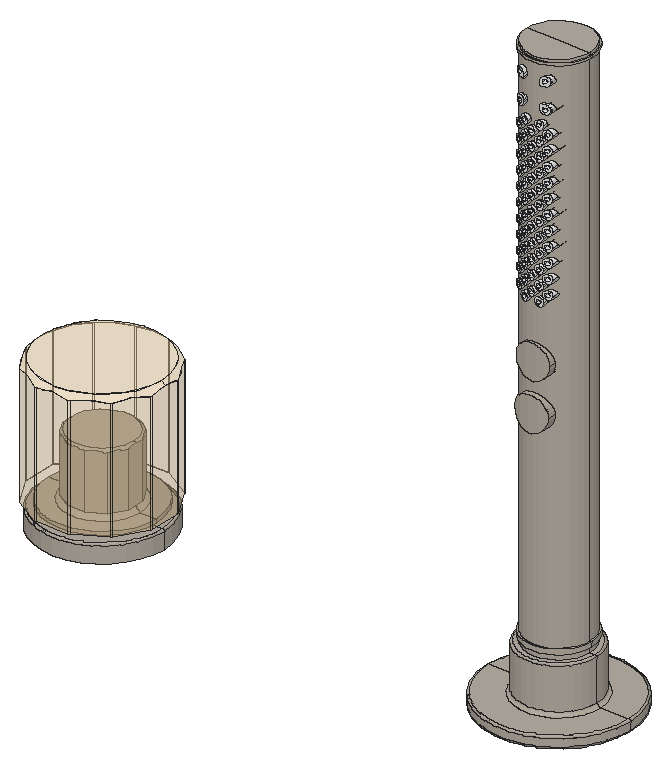
Revit family "Shower-Handshower_Kit-KOHLER-COMPOSED-K-73085T", category Plumbing Fixtures, host Face, Revit 2017
Family settings
  Host = Face
  Round Connector Dimension = Use Diameter
  Part Type = Normal
  OmniClass Number = 23.31.17.00
  OmniClass Title = Showers
  Cut with Voids When Loaded = No
  Shared = No
  Room Calculation Point = No
Parameters (values of type "B9ACH,BV-Roman Copper")
  Width [instance] = Distance To Showerhead + Distance To Handle  # 8"
  WaterSense Certified = 1 = 0  # no
  Waste Water Outlet = "Waste Water Outlet"  # constant formula
  Waste Connection = 1 = 0  # no
  Vent Connection = 1 = 0  # no
  URL = "https://www.kohler.com.cn/"
  Type = 1
  Product Page URL = "https://www.kohler.com.cn/product/K-73085T-B9ACH-BV/K-73085T-B9ACH-BV/"
  Product Name = "COMPOSED"  # constant formula
  Product Documentation Link = "https://files.kohler.com.cn/pdfs/1532351920010_73085T-B9ACH-BV%EF%BC%8C73085T-B9GCH-TT%20%E5%AE%89%E8%A3%85%E8%AF%B4%E6%98%8E%E4%B9%A6.pdf"
  Pressure = 70.00 psi  # constant formula
  Panel Thickness = 0"
  Model = if(Type = 1, "K-73085T-B9ACH-BV", if(Type = 2, "K-73085T-B9GCH-TT", "NA"))  # "K-73085T-B9ACH-BV"
  Material = "Premium Metal Construction"  # constant formula
  Master Format 2014 Name = "Residential Showers"  # constant formula
  Master Format 2014 = "22 42 23"  # constant formula
  Manufacturer Address = "Kohler Beijing Office (100016)36-2-03-B, No. 88, Liuxiang Road, Beijing"  # constant formula
  Manufacturer = "KOHLER Co."  # constant formula
  Length = 2 133/256"  # constant formula
  Hot Water Inlet = "Hot Water Inlet"  # constant formula
  Height Of Handle = 2 163/256"  # constant formula
  Height = 10 111/256"  # constant formula
  Handle Material = Kohler-Glass-ACH-Amber_Gold_Glaze
  HW Connection = 1 = 1  # yes
  Flow Rate = 2.5 GPM  # constant formula
  Finish = Kohler-Metal-BV-Roman_Copper
  Environmental Product Declaration = ""
  Drain Included = 1 = 0  # no
  Distance To Showerhead [instance] = 4"
  Distance To Handle [instance] = 4"
  Description = "Cylinder Side Water Divider and Hand Shower"  # constant formula
  Default Elevation = 36"
  Declare Label = ""
  Date Modified = "24/09/2020"  # constant formula
  Date Created = "24/09/2020"  # constant formula
  Copyright = "Copyright KOHLER Co."  # constant formula
  Contact Us = "http://www.kohler.com.cn/contact/contact-us/"
  Cold Water Inlet = "Cold Water Inlet"  # constant formula
  CW Connection = 1 = 1  # yes
  Assembly Code = "D2010700"
  ADA Compliant = 1 = 0  # no
Reference planes (in)
  plane 1 "Center (Front/Back)": y = 0
  plane 2: z = 0
  plane 3 "Center (Left/Right)": x = 0
  plane 4: x = -4
  plane 5: z = 10.43359
  plane 6: z = 2.63672
  plane 7: x = 4
  plane 8: x = 5.25984
  plane 9: x = 2.74016
  plane 10: y = 1.25984
  plane 11: y = -1.25969
  plane 12: x = -5.10236
  plane 13: x = -2.89764
  plane 14: y = 1.10236
  plane 15: y = -1.10236
  plane 16: y = -1.08268
  plane 17: y = 1.08268
Dimensions and locks (in)
  "Height": plane 5 to level
  "Distance To Showerhead": plane 3 "Center (Left/Right)" to plane 7
  locked: plane 9 to plane 7 at 1.25984
  locked: plane 7 to plane 8 at 1.25984
  locked: plane 12 to plane 4 at 1.10236
  locked: plane 4 to plane 13 at 1.10236
  "Distance To Handle": plane 4 to plane 3 "Center (Left/Right)"
  "Height Of Handle": plane 6 to level
  "Length": plane 10 to plane 11
  aligned and locked: plane 2 to host face
  aligned and locked: level to host face
  aligned and locked: nested 2 to plane 4
  aligned and locked: plane 7 to nested 1
Automatic sketch dimensions
  host sketch curve to host sketch curve = 96"  (x2)
Nested families (in)
  nested 1: "K-73085T_Shower" at (4, 0, 0), type "K-73085T_Shower"
  nested 2: "K-73085T_Handle" at (-4, 0, 0), type "K-73085T_Handle"
Connectors (in)
  piping at (-3.41011, 0, 0), diameter 0.5, driven by "Flow Rate", driven by "Pressure", driven by "CW Connection", driven by "Cold Water Inlet"
    settings: on nested 2, index 1, connector inside diameter 24", connector length 0", flow factor 0, pipe flow 2.5 GPM, pressure drop 70.00 psi, fitting loss kfactor 0, connector angle 0.00°, fixture units 0, engagement length 0", angle of deflection 0.00°, flow configuration 1, flow direction 1, fitting loss method 4, system type 20, joint type 0, gender type 0, connector reference index -1, connector utility 1, adjustable connector no, is connector primary yes, connector description "Cold Water Inlet"
  piping at (-4.58989, 0, 0), diameter 0.5, driven by "Flow Rate", driven by "Pressure", driven by "HW Connection", driven by "Hot Water Inlet"
    settings: on nested 2, index 2, connector inside diameter 24", connector length 0", flow factor 0, pipe flow 2.5 GPM, pressure drop 70.00 psi, fitting loss kfactor 0, connector angle 0.00°, fixture units 0, engagement length 0", angle of deflection 0.00°, flow configuration 1, flow direction 1, fitting loss method 4, system type 19, joint type 0, gender type 0, connector reference index -1, connector utility 1, adjustable connector no, is connector primary no, connector description "Hot Water Inlet"
Definition of nested family "K-73085T_Shower"
  Parameters (values of type "K-73085T_Shower")
    Material = none
  Reference planes (in)
    plane 1 "Center (Front/Back)": y = 0
    plane 2: z = 0
    plane 3 "Center (Left/Right)": x = 0
    plane 4: x = 1.25984
    plane 5: x = -1.25984
    plane 6: x = 0.66929
    plane 7: x = -0.66929
    plane 8: z = 10.43307
    plane 9: x = -0.55118
    plane 10: x = 0.55118
    plane 11: y = 0.55118
    plane 12: y = -0.55118
    plane 13: y = 1.25984
    plane 14: y = -1.25984
    plane 15: y = 0.66929
    plane 16: y = -0.66929
  Forms (in)
    Revolve 1, solid, material <- "Material", detail levels medium+fine
      sketch origin (0, 0, 0) x (1, 0, 0) y (0, 0, 1)
        loop
          line (0, 0) -> (1.22892, 0)
          arc (1.22892, 0) -> (1.25079, 0.00906) -> (1.25984, 0.03092) r 0.03092
          line (1.25984, 0.03092) -> (1.25984, 0.16544)
          arc (1.25984, 0.16544) -> (1.25064, 0.18765) -> (1.22843, 0.19685) r 0.03141
          line (1.22843, 0.19685) -> (0.7285, 0.19685)
          arc (0.7285, 0.19685) -> (0.68663, 0.21419) -> (0.66929, 0.25606) r 0.05921
          line (0.66929, 0.25606) -> (0.66929, 0.97189)
          arc (0.66929, 0.97189) -> (0.6599, 0.99455) -> (0.63724, 1.00394) r 0.03205
          line (0.63724, 1.00394) -> (0.55118, 1.00394) -> (0.55118, 1.10236) -> (0.58268, 1.10236) -> (0.58268, 1.18898) -> (0.55118, 1.18898) -> (0.55118, 10.35433) -> (0.58268, 10.35433) -> (0.58268, 10.3937) -> (0.55118, 10.3937) -> (0.55118, 10.43307) -> (0, 10.43307) -> (0, 0)
        axis (0, 0) -> (0, 10.43307)
      angle from 0 to 360
    Extrusion 2, solid, detail levels medium+fine
      sketch origin (0, 0, 0) x (1, 0, 0) y (0, 0, 1)
        loop
          line (0.16929, 10.03346) -> (0.22441, 10.03346)
          arc (0.22441, 10.03346) -> (0.28009, 10.16788) -> (0.14567, 10.1122) r 0.07874
          line (0.14567, 10.1122) -> (0.14567, 10.05709)
          arc (0.14567, 10.05709) -> (0.15259, 10.04038) -> (0.16929, 10.03346) r 0.02362
        loop
          arc (-0.16929, 10.03346) -> (-0.15259, 10.04038) -> (-0.14567, 10.05709) r 0.02362
          line (-0.14567, 10.05709) -> (-0.14567, 10.1122)
          arc (-0.14567, 10.1122) -> (-0.28009, 10.16788) -> (-0.22441, 10.03346) r 0.07874
          line (-0.22441, 10.03346) -> (-0.16929, 10.03346)
        loop
          line (0.22441, 9.74213) -> (0.16929, 9.74213)
          arc (0.16929, 9.74213) -> (0.15259, 9.73521) -> (0.14567, 9.7185) r 0.02362
          line (0.14567, 9.7185) -> (0.14567, 9.66339)
          arc (0.14567, 9.66339) -> (0.28009, 9.60771) -> (0.22441, 9.74213) r 0.07874
        loop
          arc (-0.22441, 9.74213) -> (-0.28009, 9.60771) -> (-0.14567, 9.66339) r 0.07874
          line (-0.14567, 9.66339) -> (-0.14567, 9.7185)
          arc (-0.14567, 9.7185) -> (-0.15259, 9.73521) -> (-0.16929, 9.74213) r 0.02362
          line (-0.16929, 9.74213) -> (-0.22441, 9.74213)
        loop
          circle (0.22441, 10.1122) r 0.04114
        loop
          circle (-0.22441, 10.1122) r 0.04114
        loop
          circle (0.22441, 9.66339) r 0.03954
        loop
          circle (-0.22441, 9.66339) r 0.03954
        loop
          circle (0.13033, 9.40567) r 0.04035
        loop
          circle (-0.13033, 9.40567) r 0.04035
        loop
          circle (0.25879, 9.2794) r 0.04037
        loop
          circle (-0.25879, 9.2794) r 0.04037
        loop
          circle (0.13033, 9.15313) r 0.04035
        loop
          circle (-0.13033, 9.15313) r 0.04035
        loop
          circle (0.13033, 8.90058) r 0.04035
        loop
          circle (-0.13033, 8.90058) r 0.04035
        loop
          circle (0, 9.02685) r 0.04121
        loop
          circle (0.25879, 9.02685) r 0.04037
        loop
          circle (-0.25879, 9.02685) r 0.04037
        loop
          circle (0.13033, 8.39549) r 0.04035
        loop
          circle (-0.13033, 8.39549) r 0.04035
        loop
          circle (0, 8.52176) r 0.04121
        loop
          circle (0.25879, 8.52176) r 0.04037
        loop
          circle (-0.25879, 8.52176) r 0.04037
        loop
          circle (0.13033, 8.64804) r 0.04035
        loop
          circle (-0.13033, 8.64804) r 0.04035
        loop
          circle (0, 8.77431) r 0.04121
        loop
          circle (0.25879, 8.77431) r 0.04037
        loop
          circle (-0.25879, 8.77431) r 0.04037
        loop
          circle (0.13033, 7.38532) r 0.04035
        loop
          circle (-0.13033, 7.38532) r 0.04035
        loop
          circle (0, 7.51159) r 0.04121
        loop
          circle (0.25879, 7.51159) r 0.04037
        loop
          circle (-0.25879, 7.51159) r 0.04037
        loop
          circle (0.13033, 7.63786) r 0.04035
        loop
          circle (-0.13033, 7.63786) r 0.04035
        loop
          circle (0.13033, 7.8904) r 0.04035
        loop
          circle (-0.13033, 7.8904) r 0.04035
        loop
          circle (0, 7.76413) r 0.04121
        loop
          circle (0.25879, 7.76413) r 0.04037
        loop
          circle (-0.25879, 7.76413) r 0.04037
        loop
          circle (0, 8.26922) r 0.04121
        loop
          circle (0.25879, 8.26922) r 0.04037
        loop
          circle (-0.25879, 8.26922) r 0.04037
        loop
          circle (0.13033, 8.14295) r 0.04035
        loop
          circle (-0.13033, 8.14295) r 0.04035
        loop
          circle (0, 8.01668) r 0.04121
        loop
          circle (0.25879, 8.01668) r 0.04037
        loop
          circle (-0.25879, 8.01668) r 0.04037
        loop
          circle (0, 7.25904) r 0.04121
        loop
          circle (0.25879, 7.25904) r 0.04037
        loop
          circle (-0.25879, 7.25904) r 0.04037
        loop
          circle (0.13033, 7.13277) r 0.04035
        loop
          circle (-0.13033, 7.13277) r 0.04035
        loop
          circle (0.13033, 6.88023) r 0.04035
        loop
          circle (-0.13033, 6.88023) r 0.04035
        loop
          circle (0, 7.0065) r 0.04121
        loop
          circle (0.25879, 7.0065) r 0.04037
        loop
          circle (-0.25879, 7.0065) r 0.04037
        loop
          circle (0.13033, 6.62768) r 0.04035
        loop
          circle (-0.13033, 6.62768) r 0.04035
        loop
          circle (0, 6.75396) r 0.04121
        loop
          circle (0.25879, 6.75396) r 0.04037
        loop
          circle (-0.25879, 6.75396) r 0.04037
        loop
          circle (0.13033, 9.40567) r 0.07087
        loop
          circle (-0.13033, 9.40567) r 0.07161
        loop
          circle (-0.25879, 9.2794) r 0.06951
        loop
          circle (0, 9.2794) r 0.07142
        loop
          circle (0.25879, 9.2794) r 0.07024
        loop
          circle (-0.13033, 9.15313) r 0.07253
        loop
          circle (0.13033, 9.15313) r 0.07087
        loop
          circle (0.13033, 8.90058) r 0.07087
        loop
          circle (-0.13033, 8.90058) r 0.07161
        loop
          circle (-0.25879, 9.02685) r 0.06951
        loop
          circle (0, 9.02685) r 0.07142
        loop
          circle (0.25879, 9.02685) r 0.07024
        loop
          circle (0.13033, 8.39549) r 0.07087
        loop
          circle (-0.13033, 8.39549) r 0.07161
        loop
          circle (-0.25879, 8.52176) r 0.06951
        loop
          circle (0, 8.52176) r 0.07142
        loop
          circle (0.25879, 8.52176) r 0.07024
        loop
          circle (-0.13033, 8.64804) r 0.07253
        loop
          circle (0.13033, 8.64804) r 0.07087
        loop
          circle (-0.25879, 8.77431) r 0.06951
        loop
          circle (0.25879, 8.77431) r 0.07024
        loop
          circle (0, 9.2794) r 0.04121
        loop
          circle (0, 8.77431) r 0.07087
        loop
          circle (0.13033, 7.38532) r 0.07087
        loop
          circle (-0.13033, 7.38532) r 0.07161
        loop
          circle (-0.25879, 7.51159) r 0.06951
        loop
          circle (0, 7.51159) r 0.07142
        loop
          circle (0.25879, 7.51159) r 0.07024
        loop
          circle (-0.13033, 7.63786) r 0.07253
        loop
          circle (0.13033, 7.63786) r 0.07087
        loop
          circle (0.13033, 7.8904) r 0.07087
        loop
          circle (-0.25879, 7.76413) r 0.06951
        loop
          circle (0, 7.76413) r 0.07142
        loop
          circle (-0.25879, 8.26922) r 0.06951
        loop
          circle (0, 8.26922) r 0.07142
        loop
          circle (0.25879, 8.26922) r 0.07024
        loop
          circle (-0.13033, 8.14295) r 0.07253
        loop
          circle (0.13033, 8.14295) r 0.07087
        loop
          circle (-0.13033, 7.8904) r 0.07161
        loop
          circle (-0.25879, 8.01668) r 0.06951
        loop
          circle (0.25879, 8.01668) r 0.07024
        loop
          circle (0, 8.01668) r 0.07087
        loop
          circle (-0.25879, 7.25904) r 0.06951
        loop
          circle (0.25879, 7.25904) r 0.07024
        loop
          circle (-0.13033, 7.13277) r 0.07253
        loop
          circle (0.13033, 7.13277) r 0.07087
        loop
          circle (0.13033, 6.88023) r 0.07087
        loop
          circle (-0.25879, 7.0065) r 0.06951
        loop
          circle (0, 7.0065) r 0.07142
        loop
          circle (-0.13033, 6.88023) r 0.07161
        loop
          circle (-0.25879, 6.75396) r 0.06951
        loop
          circle (0.25879, 6.75396) r 0.07024
        loop
          circle (0, 6.75396) r 0.07087
        loop
          circle (0.25879, 7.76413) r 0.06949
        loop
          circle (0.25879, 7.0065) r 0.07087
        loop
          circle (0, 7.25904) r 0.07087
        loop
          circle (-0.13033, 6.62768) r 0.07087
        loop
          circle (0.13033, 6.62768) r 0.07087
      from 0 to 0.67338
    Extrusion 3, solid, material <- "Material", detail levels medium+fine
      sketch origin (0, 0, 0) x (1, 0, 0) y (0, 0, 1)
        loop
          circle (0, 5.64721) r 0.29796
      from 0.10492 to 0.69607
    Extrusion 4, solid, material <- "Material", detail levels medium+fine
      sketch origin (0, 0, 0) x (1, 0, 0) y (0, 0, 1)
        loop
          circle (0, 4.85046) r 0.29921
      from 0 to 0.78785
    Extrusion 5, void
      sketch origin (0, 0, 0) x (1, 0, 0) y (0, 1, 0)
        loop
          line (-0.37079, -0.48361) -> (-0.37079, -0.811) -> (0.36774, -0.811) -> (0.36774, -0.5078)
          arc (0.36774, -0.5078) -> (-0.00517, -0.60686) -> (-0.37079, -0.48361) r 0.66929
      from 6.49149 to 10.19539
    Extrusion 6, void
      sketch origin (0, 0, 0) x (1, 0, 0) y (0, 1, 0)
        loop
          line (-0.46907, -0.48541) -> (-0.46907, -1.03712) -> (0.44476, -1.03712) -> (0.44476, -0.50618)
          arc (0.44476, -0.50618) -> (-0.0146, -0.60361) -> (-0.46907, -0.48541) r 1.02239
      from 5.31254 to 6.07264
    Extrusion 7, void
      sketch origin (0, 0, 0) x (1, 0, 0) y (0, 1, 0)
        loop
          arc (0.3336, -0.57582) -> (0.00981, -0.65214) -> (-0.31607, -0.58531) r 0.77295
          line (-0.31607, -0.58531) -> (-0.31607, -0.82968) -> (0.3336, -0.82968) -> (0.3336, -0.57582)
      from 4.33816 to 5.21932
    Revolve 8, solid, material <- "Material", detail levels coarse
      sketch origin (0, 0, 0) x (1, 0, 0) y (0, 0, 1)
        loop
          line (0, 0) -> (1.25998, 0) -> (1.25998, 0.19685) -> (0.66929, 0.19685) -> (0.66929, 1.00113) -> (0.55227, 1.00113) -> (0.55227, 10.43307) -> (0, 10.43307) -> (0, 0)
        axis (0, 10.43307) -> (0, 0)
      angle from 0 to 360
  Cuts and joins
    Extrusion 5 cuts Revolve 1
    Extrusion 5 cuts Extrusion 2
    Extrusion 6 cuts Extrusion 3
    Extrusion 5, Extrusion 6, Extrusion 7 cuts Extrusion 4
  Lines and regions (in)
    Masking region 1
      outline origin (0, 0, 0) x (1, 0, 0) y (0, 0, 1)
        loop
          line (1.25984, 0.03218) -> (1.25984, 0.16483)
          arc (1.25984, 0.16483) -> (1.25047, 0.18747) -> (1.22783, 0.19685) r 0.03202
          line (1.22783, 0.19685) -> (0.72724, 0.19685)
          arc (0.72724, 0.19685) -> (0.68626, 0.21382) -> (0.66929, 0.2548) r 0.05795
          line (0.66929, 0.2548) -> (0.66929, 0.97257)
          arc (0.66929, 0.97257) -> (0.66021, 0.99453) -> (0.63828, 1.00367) r 0.0311
          line (0.63828, 1.00367) -> (0.55118, 1.00394) -> (0.55118, 1.10236) -> (0.58268, 1.10236) -> (0.58268, 1.18898) -> (0.55118, 1.18898) -> (0.55118, 10.35433) -> (0.58268, 10.35433) -> (0.58268, 10.3937) -> (0.55118, 10.3937) -> (0.55118, 10.43307) -> (-0.55118, 10.43307) -> (-0.55118, 10.3937) -> (-0.58268, 10.3937) -> (-0.58268, 10.35433) -> (-0.55118, 10.35433) -> (-0.55118, 1.18898) -> (-0.58268, 1.18898) -> (-0.58268, 1.10236) -> (-0.55118, 1.10236) -> (-0.55118, 1.00394) -> (-0.63628, 1.00368)
          arc (-0.63628, 1.00368) -> (-0.65963, 0.99394) -> (-0.66929, 0.97057) r 0.03311
          line (-0.66929, 0.97057) -> (-0.66929, 0.25591)
          arc (-0.66929, 0.25591) -> (-0.68659, 0.21415) -> (-0.72835, 0.19685) r 0.05906
          line (-0.72835, 0.19685) -> (-1.22849, 0.19685)
          arc (-1.22849, 0.19685) -> (-1.25066, 0.18767) -> (-1.25984, 0.1655) r 0.03135
          line (-1.25984, 0.1655) -> (-1.25984, 0.03122)
          arc (-1.25984, 0.03122) -> (-1.2507, 0.00914) -> (-1.22863, 0) r 0.03122
          line (-1.22863, 0) -> (1.22766, 0)
          arc (1.22766, 0) -> (1.25042, 0.00943) -> (1.25984, 0.03218) r 0.03218
    Masking region 2
      outline origin (0, 0, 0) x (0, 1, 0) y (0, 0, 1)
        loop
          line (1.25984, 0.03143) -> (1.25984, 0.16142)
          arc (1.25984, 0.16142) -> (1.24946, 0.18647) -> (1.22441, 0.19685) r 0.03543
          line (1.22441, 0.19685) -> (0.72827, 0.19685)
          arc (0.72827, 0.19685) -> (0.68656, 0.21412) -> (0.66929, 0.25583) r 0.05898
          line (0.66929, 0.25583) -> (0.66929, 0.96707)
          arc (0.66929, 0.96707) -> (0.65849, 0.99314) -> (0.63243, 1.00394) r 0.03686
          line (0.63243, 1.00394) -> (0.55118, 1.00394) -> (0.55118, 1.10236) -> (0.58268, 1.10236) -> (0.58268, 1.18898) -> (0.55118, 1.18898) -> (0.55118, 10.35433) -> (0.58268, 10.35433) -> (0.58268, 10.3937) -> (0.55118, 10.3937) -> (0.55118, 10.43307) -> (-0.55118, 10.43307) -> (-0.55118, 10.3937) -> (-0.58268, 10.3937) -> (-0.58268, 10.35433) -> (-0.55118, 10.35433) -> (-0.55118, 10.20504) -> (-0.58048, 10.19138)
          arc (-0.58048, 10.19138) -> (-0.59111, 10.15243) -> (-0.59468, 10.1122) r 0.22777
          line (-0.59468, 10.1122) -> (-0.59468, 10.06573)
          arc (-0.59468, 10.06573) -> (-0.59341, 10.0494) -> (-0.5896, 10.03346) r 0.10495
          line (-0.5896, 10.03346) -> (-0.55118, 10.03346) -> (-0.55118, 9.74213) -> (-0.59468, 9.74213) -> (-0.59468, 9.66339)
          arc (-0.59468, 9.66339) -> (-0.59367, 9.63783) -> (-0.59063, 9.61244) r 0.32232
          arc (-0.59063, 9.61244) -> (-0.58567, 9.59764) -> (-0.57619, 9.58525) r 0.04756
          line (-0.57619, 9.58525) -> (-0.55118, 9.56182) -> (-0.55118, 9.47668) -> (-0.5922, 9.47668)
          spline (-0.5922, 9.47668) -> (-0.5941, 9.47293) -> (-0.59589, 9.46811) -> (-0.59753, 9.46231) -> (-0.59899, 9.45562) -> (-0.60025, 9.44815) -> (-0.6013, 9.44002) -> (-0.60211, 9.43137) -> (-0.60268, 9.42233) -> (-0.60298, 9.41304) -> (-0.60302, 9.40367) -> (-0.6028, 9.39436) -> (-0.60232, 9.38526)
          line (-0.60232, 9.38526) -> (-0.60656, 9.35076) -> (-0.60656, 9.21116) -> (-0.60232, 9.17666)
          spline (-0.60232, 9.17666) -> (-0.60254, 9.17315) -> (-0.60272, 9.16959) -> (-0.60286, 9.16599) -> (-0.60296, 9.16236) -> (-0.60302, 9.15871) -> (-0.60304, 9.15506) -> (-0.60302, 9.1514) -> (-0.60296, 9.14775) -> (-0.60286, 9.14411) -> (-0.60272, 9.1405) -> (-0.60254, 9.13693) -> (-0.60232, 9.1334)
          line (-0.60232, 9.1334) -> (-0.60656, 9.0989) -> (-0.60656, 8.95856) -> (-0.60232, 8.92406)
          spline (-0.60232, 8.92406) -> (-0.60254, 8.92053) -> (-0.60272, 8.91696) -> (-0.60286, 8.91335) -> (-0.60296, 8.90971) -> (-0.60302, 8.90606) -> (-0.60304, 8.9024) -> (-0.60302, 8.89875) -> (-0.60296, 8.8951) -> (-0.60286, 8.89147) -> (-0.60272, 8.88787) -> (-0.60254, 8.88431) -> (-0.60232, 8.8808)
          line (-0.60232, 8.8808) -> (-0.60656, 8.8463) -> (-0.60656, 8.7067) -> (-0.60232, 8.6722)
          spline (-0.60232, 8.6722) -> (-0.60255, 8.66841) -> (-0.60274, 8.66458) -> (-0.60288, 8.6607) -> (-0.60298, 8.6568) -> (-0.60303, 8.65287) -> (-0.60303, 8.64893) -> (-0.60299, 8.645) -> (-0.6029, 8.64108) -> (-0.60277, 8.63719) -> (-0.60259, 8.63333) -> (-0.60236, 8.62953) -> (-0.60209, 8.62578)
          line (-0.60209, 8.62578) -> (-0.60656, 8.5894) -> (-0.60656, 8.4498) -> (-0.60232, 8.4153)
          spline (-0.60232, 8.4153) -> (-0.60254, 8.41178) -> (-0.60272, 8.40822) -> (-0.60286, 8.40462) -> (-0.60296, 8.40099) -> (-0.60302, 8.39735) -> (-0.60304, 8.39369) -> (-0.60302, 8.39003) -> (-0.60296, 8.38638) -> (-0.60286, 8.38274) -> (-0.60272, 8.37914) -> (-0.60254, 8.37556) -> (-0.60232, 8.37203)
          line (-0.60232, 8.37203) -> (-0.60656, 8.33753) -> (-0.60656, 8.1972) -> (-0.60232, 8.1627)
          spline (-0.60232, 8.1627) -> (-0.60254, 8.15916) -> (-0.60272, 8.15559) -> (-0.60286, 8.15198) -> (-0.60296, 8.14835) -> (-0.60302, 8.1447) -> (-0.60304, 8.14104) -> (-0.60302, 8.13738) -> (-0.60296, 8.13373) -> (-0.60286, 8.13011) -> (-0.60272, 8.12651) -> (-0.60254, 8.12295) -> (-0.60232, 8.11943)
          line (-0.60232, 8.11943) -> (-0.60656, 8.08493) -> (-0.60656, 7.94533) -> (-0.60232, 7.91083)
          spline (-0.60232, 7.91083) -> (-0.60253, 7.90745) -> (-0.60271, 7.90402) -> (-0.60284, 7.90056) -> (-0.60294, 7.89707) -> (-0.60301, 7.89356) -> (-0.60304, 7.89004) -> (-0.60303, 7.88652) -> (-0.60298, 7.883) -> (-0.6029, 7.8795) -> (-0.60277, 7.87601) -> (-0.60262, 7.87256) -> (-0.60242, 7.86914)
          line (-0.60242, 7.86914) -> (-0.60656, 7.83547) -> (-0.60656, 7.69587) -> (-0.60232, 7.66137)
          spline (-0.60232, 7.66137) -> (-0.60254, 7.65786) -> (-0.60272, 7.65429) -> (-0.60286, 7.6507) -> (-0.60296, 7.64707) -> (-0.60302, 7.64342) -> (-0.60304, 7.63977) -> (-0.60302, 7.63611) -> (-0.60296, 7.63246) -> (-0.60286, 7.62882) -> (-0.60272, 7.62521) -> (-0.60254, 7.62164) -> (-0.60232, 7.61811)
          line (-0.60232, 7.61811) -> (-0.60656, 7.58361) -> (-0.60656, 7.44327) -> (-0.60232, 7.40877)
          spline (-0.60232, 7.40877) -> (-0.60254, 7.40524) -> (-0.60272, 7.40167) -> (-0.60286, 7.39806) -> (-0.60296, 7.39442) -> (-0.60302, 7.39077) -> (-0.60304, 7.38711) -> (-0.60302, 7.38345) -> (-0.60296, 7.37981) -> (-0.60286, 7.37618) -> (-0.60272, 7.37258) -> (-0.60254, 7.36902) -> (-0.60232, 7.36551)
          line (-0.60232, 7.36551) -> (-0.60656, 7.33101) -> (-0.60656, 7.19141) -> (-0.60209, 7.15503)
          spline (-0.60209, 7.15503) -> (-0.60236, 7.15128) -> (-0.60259, 7.14747) -> (-0.60277, 7.14361) -> (-0.6029, 7.13972) -> (-0.60299, 7.1358) -> (-0.60303, 7.13187) -> (-0.60303, 7.12793) -> (-0.60298, 7.12401) -> (-0.60288, 7.1201) -> (-0.60274, 7.11622) -> (-0.60255, 7.11239) -> (-0.60232, 7.1086)
          line (-0.60232, 7.1086) -> (-0.60656, 7.0741) -> (-0.60656, 6.9345) -> (-0.60232, 6.9)
          spline (-0.60232, 6.9) -> (-0.60254, 6.89649) -> (-0.60272, 6.89293) -> (-0.60286, 6.88933) -> (-0.60296, 6.8857) -> (-0.60302, 6.88206) -> (-0.60304, 6.8784) -> (-0.60302, 6.87474) -> (-0.60296, 6.87109) -> (-0.60286, 6.86745) -> (-0.60272, 6.86384) -> (-0.60254, 6.86027) -> (-0.60232, 6.85674)
          line (-0.60232, 6.85674) -> (-0.60656, 6.82224) -> (-0.60656, 6.68191) -> (-0.60232, 6.64741)
          spline (-0.60232, 6.64741) -> (-0.6028, 6.63823) -> (-0.60302, 6.62887) -> (-0.60298, 6.61946) -> (-0.60267, 6.61017) -> (-0.6021, 6.60114) -> (-0.60128, 6.59252) -> (-0.60022, 6.58446) -> (-0.59895, 6.57708) -> (-0.59747, 6.5705) -> (-0.59582, 6.56484) -> (-0.59402, 6.56018) -> (-0.5921, 6.5566)
          line (-0.5921, 6.5566) -> (-0.55118, 6.5566) -> (-0.55118, 5.94492) -> (-0.60376, 5.94492) -> (-0.60376, 5.34938) -> (-0.55118, 5.34938) -> (-0.55118, 5.14867) -> (-0.65155, 5.14867) -> (-0.65155, 4.55177) -> (-0.55118, 4.55177) -> (-0.55118, 1.18898) -> (-0.58268, 1.18898) -> (-0.58268, 1.10236) -> (-0.55118, 1.10236) -> (-0.55118, 1.00394) -> (-0.6351, 1.00394)
          arc (-0.6351, 1.00394) -> (-0.65928, 0.99392) -> (-0.66929, 0.96974) r 0.0342
          line (-0.66929, 0.96974) -> (-0.66929, 0.25688)
          arc (-0.66929, 0.25688) -> (-0.68687, 0.21443) -> (-0.72933, 0.19685) r 0.06003
          line (-0.72933, 0.19685) -> (-1.22608, 0.19685)
          arc (-1.22608, 0.19685) -> (-1.24995, 0.18696) -> (-1.25984, 0.16309) r 0.03376
          line (-1.25984, 0.16309) -> (-1.25984, 0.03258)
          arc (-1.25984, 0.03258) -> (-1.2503, 0.00954) -> (-1.22727, 0) r 0.03258
          line (-1.22727, 0) -> (1.22842, 0)
          arc (1.22842, 0) -> (1.25064, 0.0092) -> (1.25984, 0.03143) r 0.03143
    Masking region 3
      outline origin (0, 0, 0) x (1, 0, 0) y (0, 1, 0)
        loop
          circle (0, 0) r 1.25984
    symbolic lines, detail levels medium+fine
      curve 1: circle (0, 0, 0) r 0.55118 normal (0, 0, 1)
      curve 2: circle (0, 0, 0) r 0.58268 normal (0, 0, 1)
      curve 3: circle (0, 0, 0) r 0.66929 normal (0, 0, 1)
      curve 4: arc (0.30315, -0.54284, 0) -> (-0.00204, -0.60696, 0) -> (-0.30315, -0.52582, 0) r 0.66929
      curve 5: line (-0.30315, -0.52582, 0) -> (-0.30315, -0.49761, 0)
      curve 6: arc (0.29921, -0.56171, 0) -> (-0.0004, -0.60383, 0) -> (-0.29921, -0.55643, 0) r 1.02239
      curve 7: arc (0.29921, -0.59134, 0) -> (0.00012, -0.65222, 0) -> (-0.29921, -0.59258, 0) r 0.77295
      curve 8: line (-0.29921, -0.59258, 0) -> (-0.29921, -0.52795, 0)
      curve 9: line (0.29921, -0.59134, 0) -> (0.29921, -0.54469, 0)
      curve 10: line (0.30315, -0.54284, 0) -> (0.30315, -0.49761, 0)
      curve 11: arc (0.29796, 0, 5.64721) -> (0, 0, 5.94517) -> (-0.29796, 0, 5.64721) r 0.29796
      curve 12: arc (0.29921, 0, 4.85046) -> (0, 0, 5.14967) -> (-0.29921, 0, 4.85046) r 0.29921
      curve 13: arc (-0.29796, 0, 5.64721) -> (0, 0, 5.34924) -> (0.29796, 0, 5.64721) r 0.29796
      curve 14: arc (-0.29921, 0, 4.85046) -> (0, 0, 4.55125) -> (0.29921, 0, 4.85046) r 0.29921
      curve 15: line (-0.72835, 0, 0.19685) -> (0.72724, 0, 0.19685)
      curve 16: line (-0.55118, 0, 10.3937) -> (0.55118, 0, 10.3937)
      curve 17: line (-0.55118, 0, 10.35433) -> (0.55118, 0, 10.35433)
      curve 18: arc (0.18327, 0, 10.1122) -> (0.22441, 0, 10.15334) -> (0.26555, 0, 10.1122) r 0.04114
      curve 19: arc (0.26555, 0, 10.1122) -> (0.22441, 0, 10.07107) -> (0.18327, 0, 10.1122) r 0.04114
      curve 20: arc (-0.26555, 0, 10.1122) -> (-0.22441, 0, 10.15334) -> (-0.18327, 0, 10.1122) r 0.04114
      curve 21: arc (-0.18327, 0, 10.1122) -> (-0.22441, 0, 10.07107) -> (-0.26555, 0, 10.1122) r 0.04114
      curve 22: arc (-0.14567, 0, 10.1122) -> (-0.28009, 0, 10.16788) -> (-0.22441, 0, 10.03346) r 0.07874
      curve 23: line (-0.22441, 0, 10.03346) -> (-0.16929, 0, 10.03346)
      curve 24: line (-0.14567, 0, 10.05709) -> (-0.14567, 0, 10.1122)
      curve 25: arc (-0.16929, 0, 10.03346) -> (-0.15259, 0, 10.04038) -> (-0.14567, 0, 10.05709) r 0.02362
      curve 26: arc (0.14567, 0, 10.05709) -> (0.15259, 0, 10.04038) -> (0.16929, 0, 10.03346) r 0.02362
      curve 27: line (0.14567, 0, 10.1122) -> (0.14567, 0, 10.05709)
      curve 28: line (0.16929, 0, 10.03346) -> (0.22441, 0, 10.03346)
      curve 29: arc (0.22441, 0, 10.03346) -> (0.28009, 0, 10.16788) -> (0.14567, 0, 10.1122) r 0.07874
      curve 30: arc (0.18487, 0, 9.66339) -> (0.22441, 0, 9.70293) -> (0.26395, 0, 9.66339) r 0.03954
      curve 31: arc (0.26395, 0, 9.66339) -> (0.22441, 0, 9.62384) -> (0.18487, 0, 9.66339) r 0.03954
      curve 32: arc (-0.26395, 0, 9.66339) -> (-0.22441, 0, 9.70293) -> (-0.18487, 0, 9.66339) r 0.03954
      curve 33: arc (-0.18487, 0, 9.66339) -> (-0.22441, 0, 9.62384) -> (-0.26395, 0, 9.66339) r 0.03954
      curve 34: arc (-0.14567, 0, 9.7185) -> (-0.15259, 0, 9.73521) -> (-0.16929, 0, 9.74213) r 0.02362
      curve 35: arc (0.16929, 0, 9.74213) -> (0.15259, 0, 9.73521) -> (0.14567, 0, 9.7185) r 0.02362
      curve 36: line (0.22441, 0, 9.74213) -> (0.16929, 0, 9.74213)
      curve 37: line (0.14567, 0, 9.7185) -> (0.14567, 0, 9.66339)
      curve 38: arc (0.14567, 0, 9.66339) -> (0.28009, 0, 9.60771) -> (0.22441, 0, 9.74213) r 0.07874
      curve 39: line (-0.16929, 0, 9.74213) -> (-0.22441, 0, 9.74213)
      curve 40: line (-0.14567, 0, 9.66339) -> (-0.14567, 0, 9.7185)
      curve 41: arc (-0.22441, 0, 9.74213) -> (-0.28009, 0, 9.60771) -> (-0.14567, 0, 9.66339) r 0.07874
      curve 42: arc (-0.08998, 0, 9.40567) -> (-0.13033, 0, 9.44602) -> (-0.17068, 0, 9.40567) r 0.04035
      curve 43: arc (-0.17068, 0, 9.40567) -> (-0.13033, 0, 9.36532) -> (-0.08998, 0, 9.40567) r 0.04035
      curve 44: arc (0.17068, 0, 9.40567) -> (0.13033, 0, 9.44602) -> (0.08998, 0, 9.40567) r 0.04035
      curve 45: arc (0.08998, 0, 9.40567) -> (0.13033, 0, 9.36532) -> (0.17068, 0, 9.40567) r 0.04035
      curve 46: arc (-0.21842, 0, 9.2794) -> (-0.25879, 0, 9.31977) -> (-0.29916, 0, 9.2794) r 0.04037
      curve 47: arc (-0.29916, 0, 9.2794) -> (-0.25879, 0, 9.23903) -> (-0.21842, 0, 9.2794) r 0.04037
      curve 48: arc (0.04121, 0, 9.2794) -> (0, 0, 9.32061) -> (-0.04121, 0, 9.2794) r 0.04121
      curve 49: arc (-0.04121, 0, 9.2794) -> (0, 0, 9.23818) -> (0.04121, 0, 9.2794) r 0.04121
      curve 50: arc (0.29916, 0, 9.2794) -> (0.25879, 0, 9.31977) -> (0.21842, 0, 9.2794) r 0.04037
      curve 51: arc (0.21842, 0, 9.2794) -> (0.25879, 0, 9.23903) -> (0.29916, 0, 9.2794) r 0.04037
      curve 52: arc (0.17068, 0, 9.15313) -> (0.13033, 0, 9.19348) -> (0.08998, 0, 9.15313) r 0.04035
      curve 53: arc (0.08998, 0, 9.15313) -> (0.13033, 0, 9.11277) -> (0.17068, 0, 9.15313) r 0.04035
      curve 54: arc (-0.08998, 0, 9.15313) -> (-0.13033, 0, 9.19348) -> (-0.17068, 0, 9.15313) r 0.04035
      curve 55: arc (-0.17068, 0, 9.15313) -> (-0.13033, 0, 9.11277) -> (-0.08998, 0, 9.15313) r 0.04035
      curve 56: arc (-0.21842, 0, 9.02685) -> (-0.25879, 0, 9.06722) -> (-0.29916, 0, 9.02685) r 0.04037
      curve 57: arc (-0.29916, 0, 9.02685) -> (-0.25879, 0, 8.98648) -> (-0.21842, 0, 9.02685) r 0.04037
      curve 58: arc (0.04121, 0, 9.02685) -> (0, 0, 9.06807) -> (-0.04121, 0, 9.02685) r 0.04121
      curve 59: arc (-0.04121, 0, 9.02685) -> (0, 0, 8.98564) -> (0.04121, 0, 9.02685) r 0.04121
      curve 60: arc (0.29916, 0, 9.02685) -> (0.25879, 0, 9.06722) -> (0.21842, 0, 9.02685) r 0.04037
      curve 61: arc (0.21842, 0, 9.02685) -> (0.25879, 0, 8.98648) -> (0.29916, 0, 9.02685) r 0.04037
      curve 62: arc (-0.08998, 0, 8.90058) -> (-0.13033, 0, 8.94093) -> (-0.17068, 0, 8.90058) r 0.04035
      curve 63: arc (-0.17068, 0, 8.90058) -> (-0.13033, 0, 8.86023) -> (-0.08998, 0, 8.90058) r 0.04035
      curve 64: arc (0.17068, 0, 8.90058) -> (0.13033, 0, 8.94093) -> (0.08998, 0, 8.90058) r 0.04035
      curve 65: arc (0.08998, 0, 8.90058) -> (0.13033, 0, 8.86023) -> (0.17068, 0, 8.90058) r 0.04035
      curve 66: arc (-0.21842, 0, 8.77431) -> (-0.25879, 0, 8.81468) -> (-0.29916, 0, 8.77431) r 0.04037
      curve 67: arc (-0.29916, 0, 8.77431) -> (-0.25879, 0, 8.73394) -> (-0.21842, 0, 8.77431) r 0.04037
      curve 68: arc (0.04121, 0, 8.77431) -> (0, 0, 8.81552) -> (-0.04121, 0, 8.77431) r 0.04121
      curve 69: arc (-0.04121, 0, 8.77431) -> (0, 0, 8.7331) -> (0.04121, 0, 8.77431) r 0.04121
      curve 70: arc (0.29916, 0, 8.77431) -> (0.25879, 0, 8.81468) -> (0.21842, 0, 8.77431) r 0.04037
      curve 71: arc (0.21842, 0, 8.77431) -> (0.25879, 0, 8.73394) -> (0.29916, 0, 8.77431) r 0.04037
      curve 72: arc (0.17068, 0, 8.64804) -> (0.13033, 0, 8.68839) -> (0.08998, 0, 8.64804) r 0.04035
      curve 73: arc (0.08998, 0, 8.64804) -> (0.13033, 0, 8.60768) -> (0.17068, 0, 8.64804) r 0.04035
      curve 74: arc (-0.08998, 0, 8.64804) -> (-0.13033, 0, 8.68839) -> (-0.17068, 0, 8.64804) r 0.04035
      curve 75: arc (-0.17068, 0, 8.64804) -> (-0.13033, 0, 8.60768) -> (-0.08998, 0, 8.64804) r 0.04035
      curve 76: arc (-0.21842, 0, 8.52176) -> (-0.25879, 0, 8.56214) -> (-0.29916, 0, 8.52176) r 0.04037
      curve 77: arc (-0.29916, 0, 8.52176) -> (-0.25879, 0, 8.48139) -> (-0.21842, 0, 8.52176) r 0.04037
      curve 78: arc (0.04121, 0, 8.52176) -> (0, 0, 8.56298) -> (-0.04121, 0, 8.52176) r 0.04121
      curve 79: arc (-0.04121, 0, 8.52176) -> (0, 0, 8.48055) -> (0.04121, 0, 8.52176) r 0.04121
      curve 80: arc (0.29916, 0, 8.52176) -> (0.25879, 0, 8.56214) -> (0.21842, 0, 8.52176) r 0.04037
      curve 81: arc (0.21842, 0, 8.52176) -> (0.25879, 0, 8.48139) -> (0.29916, 0, 8.52176) r 0.04037
      curve 82: arc (0.17068, 0, 8.39549) -> (0.13033, 0, 8.43585) -> (0.08998, 0, 8.39549) r 0.04035
      curve 83: arc (0.08998, 0, 8.39549) -> (0.13033, 0, 8.35514) -> (0.17068, 0, 8.39549) r 0.04035
      curve 84: arc (-0.08998, 0, 8.39549) -> (-0.13033, 0, 8.43585) -> (-0.17068, 0, 8.39549) r 0.04035
      curve 85: arc (-0.17068, 0, 8.39549) -> (-0.13033, 0, 8.35514) -> (-0.08998, 0, 8.39549) r 0.04035
      curve 86: arc (-0.21842, 0, 8.26922) -> (-0.25879, 0, 8.30959) -> (-0.29916, 0, 8.26922) r 0.04037
      curve 87: arc (-0.29916, 0, 8.26922) -> (-0.25879, 0, 8.22885) -> (-0.21842, 0, 8.26922) r 0.04037
      curve 88: arc (0.04121, 0, 8.26922) -> (0, 0, 8.31043) -> (-0.04121, 0, 8.26922) r 0.04121
      curve 89: arc (-0.04121, 0, 8.26922) -> (0, 0, 8.22801) -> (0.04121, 0, 8.26922) r 0.04121
      curve 90: arc (0.29916, 0, 8.26922) -> (0.25879, 0, 8.30959) -> (0.21842, 0, 8.26922) r 0.04037
      curve 91: arc (0.21842, 0, 8.26922) -> (0.25879, 0, 8.22885) -> (0.29916, 0, 8.26922) r 0.04037
      curve 92: arc (0.17068, 0, 8.14295) -> (0.13033, 0, 8.1833) -> (0.08998, 0, 8.14295) r 0.04035
      curve 93: arc (0.08998, 0, 8.14295) -> (0.13033, 0, 8.1026) -> (0.17068, 0, 8.14295) r 0.04035
      curve 94: arc (-0.08998, 0, 8.14295) -> (-0.13033, 0, 8.1833) -> (-0.17068, 0, 8.14295) r 0.04035
      curve 95: arc (-0.17068, 0, 8.14295) -> (-0.13033, 0, 8.1026) -> (-0.08998, 0, 8.14295) r 0.04035
      curve 96: arc (-0.21842, 0, 8.01668) -> (-0.25879, 0, 8.05705) -> (-0.29916, 0, 8.01668) r 0.04037
      curve 97: arc (-0.29916, 0, 8.01668) -> (-0.25879, 0, 7.97631) -> (-0.21842, 0, 8.01668) r 0.04037
      curve 98: arc (0.04121, 0, 8.01668) -> (0, 0, 8.05789) -> (-0.04121, 0, 8.01668) r 0.04121
      curve 99: arc (-0.04121, 0, 8.01668) -> (0, 0, 7.97546) -> (0.04121, 0, 8.01668) r 0.04121
      curve 100: arc (0.29916, 0, 8.01668) -> (0.25879, 0, 8.05705) -> (0.21842, 0, 8.01668) r 0.04037
      curve 101: arc (0.21842, 0, 8.01668) -> (0.25879, 0, 7.97631) -> (0.29916, 0, 8.01668) r 0.04037
      curve 102: arc (0.17068, 0, 7.8904) -> (0.13033, 0, 7.93076) -> (0.08998, 0, 7.8904) r 0.04035
      curve 103: arc (0.08998, 0, 7.8904) -> (0.13033, 0, 7.85005) -> (0.17068, 0, 7.8904) r 0.04035
      curve 104: arc (-0.08998, 0, 7.8904) -> (-0.13033, 0, 7.93076) -> (-0.17068, 0, 7.8904) r 0.04035
      curve 105: arc (-0.17068, 0, 7.8904) -> (-0.13033, 0, 7.85005) -> (-0.08998, 0, 7.8904) r 0.04035
      curve 106: arc (-0.21842, 0, 7.76413) -> (-0.25879, 0, 7.8045) -> (-0.29916, 0, 7.76413) r 0.04037
      curve 107: arc (-0.29916, 0, 7.76413) -> (-0.25879, 0, 7.72376) -> (-0.21842, 0, 7.76413) r 0.04037
      curve 108: arc (0.04121, 0, 7.76413) -> (0, 0, 7.80535) -> (-0.04121, 0, 7.76413) r 0.04121
      curve 109: arc (-0.04121, 0, 7.76413) -> (0, 0, 7.72292) -> (0.04121, 0, 7.76413) r 0.04121
      curve 110: arc (0.29916, 0, 7.76413) -> (0.25879, 0, 7.8045) -> (0.21842, 0, 7.76413) r 0.04037
      curve 111: arc (0.21842, 0, 7.76413) -> (0.25879, 0, 7.72376) -> (0.29916, 0, 7.76413) r 0.04037
      curve 112: arc (0.17068, 0, 7.63786) -> (0.13033, 0, 7.67821) -> (0.08998, 0, 7.63786) r 0.04035
      curve 113: arc (0.08998, 0, 7.63786) -> (0.13033, 0, 7.59751) -> (0.17068, 0, 7.63786) r 0.04035
      curve 114: arc (-0.08998, 0, 7.63786) -> (-0.13033, 0, 7.67821) -> (-0.17068, 0, 7.63786) r 0.04035
      curve 115: arc (-0.17068, 0, 7.63786) -> (-0.13033, 0, 7.59751) -> (-0.08998, 0, 7.63786) r 0.04035
      curve 116: arc (-0.21842, 0, 7.51159) -> (-0.25879, 0, 7.55196) -> (-0.29916, 0, 7.51159) r 0.04037
      curve 117: arc (-0.29916, 0, 7.51159) -> (-0.25879, 0, 7.47122) -> (-0.21842, 0, 7.51159) r 0.04037
      curve 118: arc (-0.04121, 0, 7.51159) -> (0, 0, 7.47037) -> (0.04121, 0, 7.51159) r 0.04121
      curve 119: arc (0.04121, 0, 7.51159) -> (0, 0, 7.5528) -> (-0.04121, 0, 7.51159) r 0.04121
      curve 120: arc (0.29916, 0, 7.51159) -> (0.25879, 0, 7.55196) -> (0.21842, 0, 7.51159) r 0.04037
      curve 121: arc (0.21842, 0, 7.51159) -> (0.25879, 0, 7.47122) -> (0.29916, 0, 7.51159) r 0.04037
      curve 122: arc (0.17068, 0, 7.38532) -> (0.13033, 0, 7.42567) -> (0.08998, 0, 7.38532) r 0.04035
      curve 123: arc (0.08998, 0, 7.38532) -> (0.13033, 0, 7.34496) -> (0.17068, 0, 7.38532) r 0.04035
      curve 124: arc (-0.08998, 0, 7.38532) -> (-0.13033, 0, 7.42567) -> (-0.17068, 0, 7.38532) r 0.04035
      curve 125: arc (-0.17068, 0, 7.38532) -> (-0.13033, 0, 7.34496) -> (-0.08998, 0, 7.38532) r 0.04035
      curve 126: arc (-0.21842, 0, 7.25904) -> (-0.25879, 0, 7.29941) -> (-0.29916, 0, 7.25904) r 0.04037
      curve 127: arc (-0.29916, 0, 7.25904) -> (-0.25879, 0, 7.21867) -> (-0.21842, 0, 7.25904) r 0.04037
      curve 128: arc (0.04121, 0, 7.25904) -> (0, 0, 7.30026) -> (-0.04121, 0, 7.25904) r 0.04121
      curve 129: arc (-0.04121, 0, 7.25904) -> (0, 0, 7.21783) -> (0.04121, 0, 7.25904) r 0.04121
      curve 130: arc (0.29916, 0, 7.25904) -> (0.25879, 0, 7.29941) -> (0.21842, 0, 7.25904) r 0.04037
      curve 131: arc (0.21842, 0, 7.25904) -> (0.25879, 0, 7.21867) -> (0.29916, 0, 7.25904) r 0.04037
      curve 132: arc (0.17068, 0, 7.13277) -> (0.13033, 0, 7.17313) -> (0.08998, 0, 7.13277) r 0.04035
      curve 133: arc (0.08998, 0, 7.13277) -> (0.13033, 0, 7.09242) -> (0.17068, 0, 7.13277) r 0.04035
      curve 134: arc (0.29916, 0, 7.0065) -> (0.25879, 0, 7.04687) -> (0.21842, 0, 7.0065) r 0.04037
      curve 135: arc (0.21842, 0, 7.0065) -> (0.25879, 0, 6.96613) -> (0.29916, 0, 7.0065) r 0.04037
      curve 136: arc (0.04121, 0, 7.0065) -> (0, 0, 7.04771) -> (-0.04121, 0, 7.0065) r 0.04121
      curve 137: arc (-0.04121, 0, 7.0065) -> (0, 0, 6.96529) -> (0.04121, 0, 7.0065) r 0.04121
      curve 138: arc (-0.08998, 0, 7.13277) -> (-0.13033, 0, 7.17313) -> (-0.17068, 0, 7.13277) r 0.04035
      curve 139: arc (-0.17068, 0, 7.13277) -> (-0.13033, 0, 7.09242) -> (-0.08998, 0, 7.13277) r 0.04035
      curve 140: arc (-0.21842, 0, 7.0065) -> (-0.25879, 0, 7.04687) -> (-0.29916, 0, 7.0065) r 0.04037
      curve 141: arc (-0.29916, 0, 7.0065) -> (-0.25879, 0, 6.96613) -> (-0.21842, 0, 7.0065) r 0.04037
      curve 142: arc (-0.08998, 0, 6.88023) -> (-0.13033, 0, 6.92058) -> (-0.17068, 0, 6.88023) r 0.04035
      curve 143: arc (-0.17068, 0, 6.88023) -> (-0.13033, 0, 6.83987) -> (-0.08998, 0, 6.88023) r 0.04035
      curve 144: arc (0.17068, 0, 6.88023) -> (0.13033, 0, 6.92058) -> (0.08998, 0, 6.88023) r 0.04035
      curve 145: arc (0.08998, 0, 6.88023) -> (0.13033, 0, 6.83987) -> (0.17068, 0, 6.88023) r 0.04035
      curve 146: arc (0.29916, 0, 6.75396) -> (0.25879, 0, 6.79433) -> (0.21842, 0, 6.75396) r 0.04037
      curve 147: arc (0.21842, 0, 6.75396) -> (0.25879, 0, 6.71358) -> (0.29916, 0, 6.75396) r 0.04037
      curve 148: arc (0.04121, 0, 6.75396) -> (0, 0, 6.79517) -> (-0.04121, 0, 6.75396) r 0.04121
      curve 149: arc (-0.04121, 0, 6.75396) -> (0, 0, 6.71274) -> (0.04121, 0, 6.75396) r 0.04121
      curve 150: arc (0.17068, 0, 6.62768) -> (0.13033, 0, 6.66804) -> (0.08998, 0, 6.62768) r 0.04035
      curve 151: arc (0.08998, 0, 6.62768) -> (0.13033, 0, 6.58733) -> (0.17068, 0, 6.62768) r 0.04035
      curve 152: arc (-0.08998, 0, 6.62768) -> (-0.13033, 0, 6.66804) -> (-0.17068, 0, 6.62768) r 0.04035
      curve 153: arc (-0.17068, 0, 6.62768) -> (-0.13033, 0, 6.58733) -> (-0.08998, 0, 6.62768) r 0.04035
      curve 154: arc (-0.21842, 0, 6.75396) -> (-0.25879, 0, 6.79433) -> (-0.29916, 0, 6.75396) r 0.04037
      curve 155: arc (-0.29916, 0, 6.75396) -> (-0.25879, 0, 6.71358) -> (-0.21842, 0, 6.75396) r 0.04037
      curve 156: line (-0.55118, 0, 1.18898) -> (0.55118, 0, 1.18898)
      curve 157: line (-0.55118, 0, 1.10236) -> (0.55118, 0, 1.10236)
      curve 158: line (-0.55118, 0, 1.00394) -> (0.55118, 0, 1.00394)
      curve 159: line (0, -0.55118, 10.3937) -> (0, 0.55118, 10.3937)
      curve 160: line (0, -0.55118, 10.35433) -> (0, 0.55118, 10.35433)
      curve 161: line (0, -0.55118, 1.18898) -> (0, 0.55118, 1.18898)
      curve 162: line (0, -0.55118, 1.10236) -> (0, 0.55118, 1.10236)
      curve 163: line (0, -0.55118, 1.00394) -> (0, 0.55118, 1.00394)
      curve 164: line (0, -0.72933, 0.19685) -> (0, 0.72827, 0.19685)
      curve 165: arc (0, -0.65155, 5.14867) -> (0, -0.59258, 4.85022) -> (0, -0.65155, 4.55177) r 0.78473
      curve 166: arc (0, -0.60376, 5.94492) -> (0, -0.55682, 5.64715) -> (0, -0.60376, 5.34938) r 0.96802
      curve 167: spline (0, -0.55985, 9.66337) -> (0, -0.56051, 9.6738) -> (0, -0.56196, 9.68342) -> (0, -0.5641, 9.69164) -> (0, -0.5668, 9.69791) -> (0, -0.56989, 9.70184) -> (0, -0.57317, 9.70318) -> (0, -0.57642, 9.70184) -> (0, -0.57945, 9.6979) -> (0, -0.58205, 9.69163) -> (0, -0.58406, 9.68342) -> (0, -0.58536, 9.67379) -> (0, -0.58585, 9.66336)
      curve 168: spline (0, -0.58585, 9.66336) -> (0, -0.58526, 9.65295) -> (0, -0.58387, 9.64333) -> (0, -0.58178, 9.63513) -> (0, -0.57912, 9.62886) -> (0, -0.57606, 9.62494) -> (0, -0.5728, 9.6236) -> (0, -0.56953, 9.62494) -> (0, -0.56648, 9.62887) -> (0, -0.56384, 9.63513) -> (0, -0.56177, 9.64334) -> (0, -0.56042, 9.65295) -> (0, -0.55985, 9.66337)
      curve 169: line (0, -0.55118, 9.74173) -> (0, -0.49804, 9.74173)
      curve 170: line (0, -0.57419, 9.58495) -> (0, -0.49804, 9.58495)
      curve 171: arc (0, -0.49804, 9.58495) -> (0, -0.45906, 9.66334) -> (0, -0.49804, 9.74173) r 0.0983
      curve 172: arc (0, -0.57419, 9.74213) -> (0, -0.54146, 9.66354) -> (0, -0.57419, 9.58495) r 0.11073
      curve 173: spline (0, -0.55921, 10.11219) -> (0, -0.5599, 10.12304) -> (0, -0.5614, 10.13305) -> (0, -0.56363, 10.14159) -> (0, -0.56644, 10.14812) -> (0, -0.56965, 10.15221) -> (0, -0.57306, 10.1536) -> (0, -0.57645, 10.1522) -> (0, -0.5796, 10.14811) -> (0, -0.58231, 10.14159) -> (0, -0.58441, 10.13304) -> (0, -0.58575, 10.12303) -> (0, -0.58627, 10.11218)
      curve 174: spline (0, -0.58627, 10.11218) -> (0, -0.58565, 10.10134) -> (0, -0.58421, 10.09134) -> (0, -0.58204, 10.08281) -> (0, -0.57927, 10.07629) -> (0, -0.57609, 10.07221) -> (0, -0.57269, 10.07082) -> (0, -0.56929, 10.07221) -> (0, -0.56612, 10.0763) -> (0, -0.56337, 10.08281) -> (0, -0.56122, 10.09135) -> (0, -0.5598, 10.10135) -> (0, -0.55921, 10.11219)
      curve 175: line (0, -0.55118, 10.19137) -> (0, -0.49814, 10.19137)
      curve 176: line (0, -0.55118, 10.03414) -> (0, -0.49814, 10.03414)
      curve 177: arc (0, -0.49814, 10.03414) -> (0, -0.45996, 10.11276) -> (0, -0.49814, 10.19137) r 0.10002
      curve 178: arc (0, -0.57419, 10.03346) -> (0, -0.54194, 10.11205) -> (0, -0.57419, 10.19064) r 0.11187
      curve 179: arc (-0.05872, 0, 9.40567) -> (-0.13033, 0, 9.47728) -> (-0.20194, 0, 9.40567) r 0.07161
      curve 180: arc (-0.20194, 0, 9.40567) -> (-0.13033, 0, 9.33406) -> (-0.05872, 0, 9.40567) r 0.07161
      curve 181: arc (0.2012, 0, 9.40567) -> (0.13033, 0, 9.47654) -> (0.05946, 0, 9.40567) r 0.07087
      curve 182: arc (0.05946, 0, 9.40567) -> (0.13033, 0, 9.3348) -> (0.2012, 0, 9.40567) r 0.07087
      curve 183: arc (-0.18928, 0, 9.2794) -> (-0.25879, 0, 9.34891) -> (-0.3283, 0, 9.2794) r 0.06951
      curve 184: arc (-0.3283, 0, 9.2794) -> (-0.25879, 0, 9.20989) -> (-0.18928, 0, 9.2794) r 0.06951
      curve 185: arc (0.07142, 0, 9.2794) -> (0, 0, 9.35082) -> (-0.07142, 0, 9.2794) r 0.07142
      curve 186: arc (-0.07142, 0, 9.2794) -> (0, 0, 9.20797) -> (0.07142, 0, 9.2794) r 0.07142
      curve 187: arc (0.32903, 0, 9.2794) -> (0.25879, 0, 9.34964) -> (0.18855, 0, 9.2794) r 0.07024
      curve 188: arc (0.18855, 0, 9.2794) -> (0.25879, 0, 9.20916) -> (0.32903, 0, 9.2794) r 0.07024
      curve 189: arc (0.2012, 0, 9.15313) -> (0.13033, 0, 9.22399) -> (0.05946, 0, 9.15313) r 0.07087
      curve 190: arc (0.05946, 0, 9.15313) -> (0.13033, 0, 9.08226) -> (0.2012, 0, 9.15313) r 0.07087
      curve 191: arc (-0.0578, 0, 9.15313) -> (-0.13033, 0, 9.22565) -> (-0.20286, 0, 9.15313) r 0.07253
      curve 192: arc (-0.08998, 0, 9.15313) -> (-0.13033, 0, 9.11277) -> (-0.17068, 0, 9.15313) r 0.04035
      curve 193: arc (-0.18928, 0, 9.02685) -> (-0.25879, 0, 9.09636) -> (-0.3283, 0, 9.02685) r 0.06951
      curve 194: arc (-0.3283, 0, 9.02685) -> (-0.25879, 0, 8.95734) -> (-0.18928, 0, 9.02685) r 0.06951
      curve 195: arc (0.07142, 0, 9.02685) -> (0, 0, 9.09828) -> (-0.07142, 0, 9.02685) r 0.07142
      curve 196: arc (-0.07142, 0, 9.02685) -> (0, 0, 8.95543) -> (0.07142, 0, 9.02685) r 0.07142
      curve 197: arc (0.32903, 0, 9.02685) -> (0.25879, 0, 9.09709) -> (0.18855, 0, 9.02685) r 0.07024
      curve 198: arc (0.18855, 0, 9.02685) -> (0.25879, 0, 8.95661) -> (0.32903, 0, 9.02685) r 0.07024
      curve 199: arc (-0.05872, 0, 8.90058) -> (-0.13033, 0, 8.97219) -> (-0.20194, 0, 8.90058) r 0.07161
      curve 200: arc (-0.20194, 0, 8.90058) -> (-0.13033, 0, 8.82897) -> (-0.05872, 0, 8.90058) r 0.07161
      curve 201: arc (0.07087, 0, 8.77431) -> (0, 0, 8.84518) -> (-0.07087, 0, 8.77431) r 0.07087
      curve 202: arc (-0.07087, 0, 8.77431) -> (0, 0, 8.70344) -> (0.07087, 0, 8.77431) r 0.07087
      curve 203: arc (0.32903, 0, 8.77431) -> (0.25879, 0, 8.84455) -> (0.18855, 0, 8.77431) r 0.07024
      curve 204: arc (0.18855, 0, 8.77431) -> (0.25879, 0, 8.70407) -> (0.32903, 0, 8.77431) r 0.07024
      curve 205: arc (-0.0578, 0, 8.64804) -> (-0.13033, 0, 8.72056) -> (-0.20286, 0, 8.64804) r 0.07253
      curve 206: arc (-0.20286, 0, 8.64804) -> (-0.13033, 0, 8.57551) -> (-0.0578, 0, 8.64804) r 0.07253
      curve 207: arc (-0.18928, 0, 8.77431) -> (-0.25879, 0, 8.84382) -> (-0.3283, 0, 8.77431) r 0.06951
      curve 208: arc (-0.3283, 0, 8.77431) -> (-0.25879, 0, 8.7048) -> (-0.18928, 0, 8.77431) r 0.06951
      curve 209: arc (0.2012, 0, 8.64804) -> (0.13033, 0, 8.7189) -> (0.05946, 0, 8.64804) r 0.07087
      curve 210: arc (0.05946, 0, 8.64804) -> (0.13033, 0, 8.57717) -> (0.2012, 0, 8.64804) r 0.07087
      curve 211: arc (0.32903, 0, 8.26922) -> (0.25879, 0, 8.33946) -> (0.18855, 0, 8.26922) r 0.07024
      curve 212: arc (0.18855, 0, 8.26922) -> (0.25879, 0, 8.19898) -> (0.32903, 0, 8.26922) r 0.07024
      curve 213: arc (0.2012, 0, 8.39549) -> (0.13033, 0, 8.46636) -> (0.05946, 0, 8.39549) r 0.07087
      curve 214: arc (0.05946, 0, 8.39549) -> (0.13033, 0, 8.32463) -> (0.2012, 0, 8.39549) r 0.07087
      curve 215: arc (0.07142, 0, 8.26922) -> (0, 0, 8.34064) -> (-0.07142, 0, 8.26922) r 0.07142
      curve 216: arc (-0.07142, 0, 8.26922) -> (0, 0, 8.1978) -> (0.07142, 0, 8.26922) r 0.07142
      curve 217: arc (-0.05872, 0, 8.39549) -> (-0.13033, 0, 8.4671) -> (-0.20194, 0, 8.39549) r 0.07161
      curve 218: arc (-0.20194, 0, 8.39549) -> (-0.13033, 0, 8.32389) -> (-0.05872, 0, 8.39549) r 0.07161
      curve 219: arc (-0.18928, 0, 8.52176) -> (-0.25879, 0, 8.59127) -> (-0.3283, 0, 8.52176) r 0.06951
      curve 220: arc (-0.21842, 0, 8.52176) -> (-0.25879, 0, 8.48139) -> (-0.29916, 0, 8.52176) r 0.04037
      curve 221: arc (-0.18928, 0, 8.26922) -> (-0.25879, 0, 8.33873) -> (-0.3283, 0, 8.26922) r 0.06951
      curve 222: arc (-0.3283, 0, 8.26922) -> (-0.25879, 0, 8.19971) -> (-0.18928, 0, 8.26922) r 0.06951
      curve 223: arc (-0.3283, 0, 8.52176) -> (-0.25879, 0, 8.45226) -> (-0.18928, 0, 8.52176) r 0.06951
      curve 224: arc (-0.20286, 0, 8.14295) -> (-0.13033, 0, 8.07042) -> (-0.0578, 0, 8.14295) r 0.07253
      curve 225: arc (-0.0578, 0, 8.14295) -> (-0.13033, 0, 8.21547) -> (-0.20286, 0, 8.14295) r 0.07253
      curve 226: arc (0.2012, 0, 8.14295) -> (0.13033, 0, 8.21381) -> (0.05946, 0, 8.14295) r 0.07087
      curve 227: arc (0.05946, 0, 8.14295) -> (0.13033, 0, 8.07208) -> (0.2012, 0, 8.14295) r 0.07087
      curve 228: arc (0.32903, 0, 8.01668) -> (0.25879, 0, 8.08692) -> (0.18855, 0, 8.01668) r 0.07024
      curve 229: arc (0.18855, 0, 8.01668) -> (0.25879, 0, 7.94644) -> (0.32903, 0, 8.01668) r 0.07024
      curve 230: arc (0.07087, 0, 8.01668) -> (0, 0, 8.08754) -> (-0.07087, 0, 8.01668) r 0.07087
      curve 231: arc (-0.07087, 0, 8.01668) -> (0, 0, 7.94581) -> (0.07087, 0, 8.01668) r 0.07087
      curve 232: arc (-0.18928, 0, 8.01668) -> (-0.25879, 0, 8.08618) -> (-0.3283, 0, 8.01668) r 0.06951
      curve 233: arc (-0.3283, 0, 8.01668) -> (-0.25879, 0, 7.94717) -> (-0.18928, 0, 8.01668) r 0.06951
      curve 234: arc (-0.05872, 0, 7.8904) -> (-0.13033, 0, 7.96201) -> (-0.20194, 0, 7.8904) r 0.07161
      curve 235: arc (-0.20194, 0, 7.8904) -> (-0.13033, 0, 7.8188) -> (-0.05872, 0, 7.8904) r 0.07161
      curve 236: arc (0.2012, 0, 7.8904) -> (0.13033, 0, 7.96127) -> (0.05946, 0, 7.8904) r 0.07087
      curve 237: arc (0.17068, 0, 7.8904) -> (0.13033, 0, 7.85005) -> (0.08998, 0, 7.8904) r 0.04035
      curve 238: arc (0.05946, 0, 7.8904) -> (0.13033, 0, 7.81954) -> (0.2012, 0, 7.8904) r 0.07087
      curve 239: arc (-0.18928, 0, 7.76413) -> (-0.25879, 0, 7.83364) -> (-0.3283, 0, 7.76413) r 0.06951
      curve 240: arc (-0.3283, 0, 7.76413) -> (-0.25879, 0, 7.69462) -> (-0.18928, 0, 7.76413) r 0.06951
      curve 241: arc (0.1893, 0, 7.76413) -> (0.25879, 0, 7.69465) -> (0.32827, 0, 7.76413) r 0.06949
      curve 242: arc (0.32827, 0, 7.76413) -> (0.25879, 0, 7.83362) -> (0.1893, 0, 7.76413) r 0.06949
      curve 243: arc (0.2012, 0, 7.63786) -> (0.13033, 0, 7.70873) -> (0.05946, 0, 7.63786) r 0.07087
      curve 244: arc (0.05946, 0, 7.63786) -> (0.13033, 0, 7.56699) -> (0.2012, 0, 7.63786) r 0.07087
      curve 245: arc (0.32903, 0, 7.51159) -> (0.25879, 0, 7.58183) -> (0.18855, 0, 7.51159) r 0.07024
      curve 246: arc (0.18855, 0, 7.51159) -> (0.25879, 0, 7.44135) -> (0.32903, 0, 7.51159) r 0.07024
      curve 247: arc (0.2012, 0, 7.38532) -> (0.13033, 0, 7.45618) -> (0.05946, 0, 7.38532) r 0.07087
      curve 248: arc (0.05946, 0, 7.38532) -> (0.13033, 0, 7.31445) -> (0.2012, 0, 7.38532) r 0.07087
      curve 249: arc (0.07142, 0, 7.51159) -> (0, 0, 7.58301) -> (-0.07142, 0, 7.51159) r 0.07142
      curve 250: arc (-0.07142, 0, 7.51159) -> (0, 0, 7.44016) -> (0.07142, 0, 7.51159) r 0.07142
      curve 251: arc (-0.0578, 0, 7.63786) -> (-0.13033, 0, 7.71039) -> (-0.20286, 0, 7.63786) r 0.07253
      curve 252: arc (-0.20286, 0, 7.63786) -> (-0.13033, 0, 7.56533) -> (-0.0578, 0, 7.63786) r 0.07253
      curve 253: arc (-0.18928, 0, 7.51159) -> (-0.25879, 0, 7.5811) -> (-0.3283, 0, 7.51159) r 0.06951
      curve 254: arc (-0.3283, 0, 7.51159) -> (-0.25879, 0, 7.44208) -> (-0.18928, 0, 7.51159) r 0.06951
      curve 255: arc (-0.05872, 0, 7.38532) -> (-0.13033, 0, 7.45692) -> (-0.20194, 0, 7.38532) r 0.07161
      curve 256: arc (-0.20194, 0, 7.38532) -> (-0.13033, 0, 7.31371) -> (-0.05872, 0, 7.38532) r 0.07161
      curve 257: arc (0.2012, 0, 7.38532) -> (0.13033, 0, 7.45618) -> (0.05946, 0, 7.38532) r 0.07087
      curve 258: arc (0.05946, 0, 7.38532) -> (0.13033, 0, 7.31445) -> (0.2012, 0, 7.38532) r 0.07087
      curve 259: arc (0.32903, 0, 7.25904) -> (0.25879, 0, 7.32928) -> (0.18855, 0, 7.25904) r 0.07024
